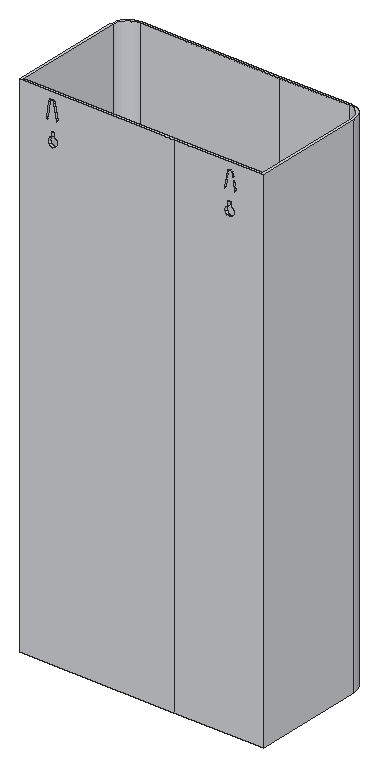
Revit family "AX8926_0018", category Appareils sanitaires, Revit 2016
Family settings
  Hôte = Mur
  Type d'élément = Normal
  Cote de connecteur circulaire = Utiliser le diamètre
  Numéro OmniClass = 23.75.00.00
  Titre OmniClass = Climate Control (HVAC)
  Toujours verticalement = Oui
  Couper avec des vides une fois chargée = Non
  Partagée = Non
  Point de calcul de pièce = Non
Parameters (values of type "Type 1")
  URL = "http://www.axeuro.com/fr/poubelles/22402-poubelle-murale-ax8926.html?search_query=ax8926&results=8"
  Modèle = "AX8926"  # constant formula
  Matériaux = "En inox 304 (18/10) Bactériostatique"  # constant formula
  Finition = "Brossé Poli Satiné HyperPolish"  # constant formula
  Fabricant = "Axeuro"  # constant formula
  Description = "Poubelle murale extra-plate"  # constant formula
Reference planes
  plane 1 "Mur": y = 0
  plane 2 "Centre (gauche/droite)": x = 0
  plane 3 "Arrière": y = 75
Forms (mm)
  Extrusion 1, solid
    sketch origin (-142.674, -95, 0) x (1, 0, 0) y (0, 1, 0)
      loop
        line (2.674, 170) -> (179.5, 170) -> (282.674, 170) -> (282.674, 299.853)
        arc (282.674, 299.853) -> (276.773, 314.099) -> (262.527, 320) r 20.147
        line (262.527, 320) -> (182.674, 320) -> (22.821, 320)
        arc (22.821, 320) -> (8.575, 314.099) -> (2.674, 299.853) r 20.147
        line (2.674, 299.853) -> (2.674, 170)
      loop
        line (182.674, 317.6) -> (22.821, 317.6)
        arc (22.821, 317.6) -> (10.272, 312.402) -> (5.074, 299.853) r 17.747
        line (5.074, 299.853) -> (5.074, 172.4) -> (179.5, 172.4) -> (280.274, 172.4) -> (280.274, 299.853)
        arc (280.274, 299.853) -> (275.076, 312.402) -> (262.527, 317.6) r 17.747
        line (262.527, 317.6) -> (182.674, 317.6)
    from 200 to 790
  Extrusion 2, void
    sketch origin (-1.203, 0, 10.01) x (1, 0, 0) y (0, 0, 1)
      loop
        arc (-102.277, 733.673) -> (-100.255, 723.071) -> (-98.316, 733.688) r 5.49
        line (-98.316, 733.688) -> (-98.316, 738.673)
        arc (-98.316, 738.673) -> (-100.297, 740.013) -> (-102.277, 738.673) r 2.134
        line (-102.277, 738.673) -> (-102.277, 733.673)
    from -75 to -77.6
  Extrusion 3, void
    sketch origin (1.599, 0, 0) x (1, 0, 0) y (0, 0, 1)
      loop
        arc (-110.599, 762.273) -> (-109.999, 761.023) -> (-108.761, 761.649) r 0.971
        line (-108.761, 761.649) -> (-105.929, 779.052)
        arc (-105.929, 779.052) -> (-104.014, 780.967) -> (-102.099, 779.052) r 1.915
        line (-102.099, 779.052) -> (-99.267, 761.649)
        arc (-99.267, 761.649) -> (-98.029, 761.023) -> (-97.429, 762.273) r 0.971
        line (-97.429, 762.273) -> (-100.012, 779.039)
        arc (-100.012, 779.039) -> (-103.942, 782.968) -> (-107.871, 779.039) r 3.93
        line (-107.871, 779.039) -> (-110.599, 762.273)
    from -77.4 to -75
  Extrusion 4, solid
    sketch origin (0.5, 0, 0) x (1, 0, 0) y (0, 1, 0)
      loop
        line (-140.5, 204.853) -> (-140.5, 75) -> (36.326, 75) -> (139.5, 75) -> (139.5, 204.853)
        arc (139.5, 204.853) -> (133.599, 219.099) -> (119.353, 225) r 20.147
        line (119.353, 225) -> (39.5, 225) -> (-120.353, 225)
        arc (-120.353, 225) -> (-134.599, 219.099) -> (-140.5, 204.853) r 20.147
    from 200 to 202.4
  Extrusion 5, void
    sketch origin (1.203, 0, 10.01) x (-1, 0, 0) y (0, 0, -1)
      loop
        line (-102.277, -733.673) -> (-102.277, -738.673)
        arc (-102.277, -738.673) -> (-100.297, -740.013) -> (-98.316, -738.673) r 2.134
        line (-98.316, -738.673) -> (-98.316, -733.688)
        arc (-98.316, -733.688) -> (-100.255, -723.071) -> (-102.277, -733.673) r 5.49
    from -75 to -77.6
  Extrusion 6, void
    sketch origin (-1.599, 0, 0) x (-1, 0, 0) y (0, 0, -1)
      loop
        line (-110.599, -762.273) -> (-107.871, -779.039)
        arc (-107.871, -779.039) -> (-103.942, -782.968) -> (-100.012, -779.039) r 3.93
        line (-100.012, -779.039) -> (-97.429, -762.273)
        arc (-97.429, -762.273) -> (-98.029, -761.023) -> (-99.267, -761.649) r 0.971
        line (-99.267, -761.649) -> (-102.099, -779.052)
        arc (-102.099, -779.052) -> (-104.014, -780.967) -> (-105.929, -779.052) r 1.915
        line (-105.929, -779.052) -> (-108.761, -761.649)
        arc (-108.761, -761.649) -> (-109.999, -761.023) -> (-110.599, -762.273) r 0.971
    from -77.4 to -75
Cuts and joins
  Extrusion 2, Extrusion 3, Extrusion 5, Extrusion 6 cuts Extrusion 1
  Extrusion 5, Extrusion 6 cuts Extrusion 4
  joined: Extrusion 1, Extrusion 4
Text (mm)
  text "Côté de la mise en place" at (-1820.995, 1116.779, 0), in view "Niveau de réf."
  text "Côté de la mise en place" at (0, 1334.055, 2976.191), in view "Gauche"
  text "Côté de la mise en place" at (0, 439.194, 2944.362), in view "Droite"
Dimensions and locks
  locked: plane 3 "Arrière" to host wall
  aligned and locked: plane 1 "Mur" to host wall
